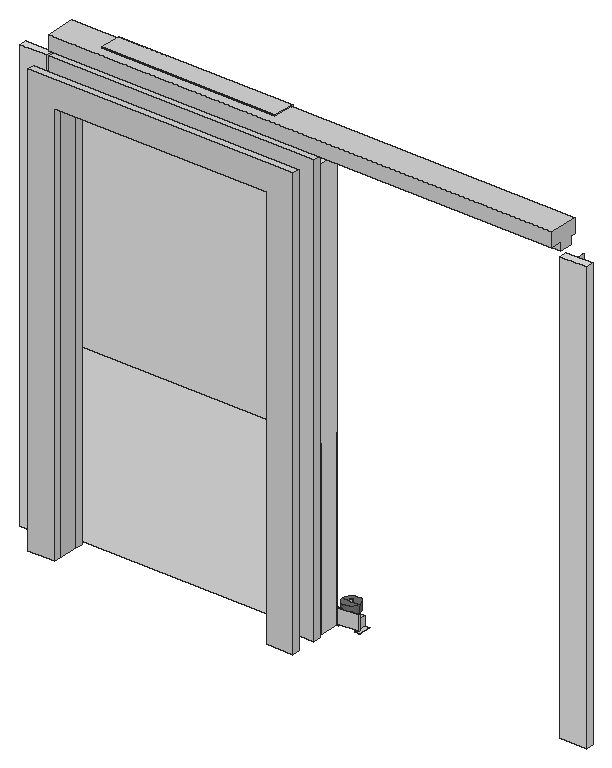
Revit family "Walk_in_Door-ELT_Custom_Coolers-Single_Slide-Left_Hand", category Doors, host Wall, Revit 2026
Family settings
  Host = Wall
  Classification Number = 23.30.10.00
  Always vertical = Yes
  Cut with Voids When Loaded = No
  Shared = No
  Room Calculation Point = No
Parameters (values of type "47" x 84" Cooler, Jamb Frame")
  URL = "https://eltcoolerdoors.com/"
  Thickness = 4"
  Specification = ""
  SpecWizard = ""
  Sales Information = ""
  Rough Width = 47"
  Rough Height = Height + 1"  # 85"
  Product Page URL = "https://eltcoolerdoors.com/collections/all/walk-in-cooler-door?grid_list=grid-view"
  Product Data = ""
  Panel Material = ELT_White Stucco Embossed
  Model = "ELT 47\" x 84\""
  Manufacturer Email = "sales@walkincoolerdoor.com"  # constant formula
  Manufacturer Address = "13770 Nelson st - Detroit MI 48227"  # constant formula
  Manufacturer = "ELT Custom Coolers"  # constant formula
  Kick Plate Height [instance] = 36"
  Installation-Fabrication = ""
  Door Track Length = ((Width * 2) + 12") - 5 3/4"  # 100 1/4"
  Description = "Walk in Cooler Sliding Door 47” x 84“ Prehung with Jamb Frame and Header for New Construction. Left Hand"
  Green Building-LEED = ""
  Function = Interior
  Frame Width = 5 1/2"  # constant formula
  Height = 84"
  Wall Closure = By host
  Width = 47"
  Frame Thickness = 1 1/2"
  Frame Material = ELT_Stainless Steel
  Define Thermal Properties by = Schematic Type
  Copyright = "© 2024 ARCAT"  # constant formula
  Construction Details = ""
  CAD Details = ""
  Analytic Construction = "<None>"
Types (4): name | Rough Width | Product Page URL | Model | Door Track Length | Description | Width
  47" x 84" Cooler, Jamb Frame | 47" | "https://eltcoolerdoors.com/collections/all/walk-in-cooler-door?grid_list=grid-view" | "ELT 47\" x 84\"" | 100 1/4" | "Walk in Cooler Sliding Door 47” x 84“ Prehung with Jamb Frame and Header for New Construction. Left Hand" | 47"
  60" x 84" Cooler, Jamb Frame | 59" | "https://eltcoolerdoors.com/collections/all/walk-in-cooler-door?grid_list=grid-view" | "ELT 60\" x 84\"" | 126 1/4" | "Walk in Cooler Sliding Door 60” x 84“ Prehung with Jamb Frame and Header for New Construction. Left Hand" | 60"
  60" x 84" Freezer, Jamb Frame | 59" | "https://eltcoolerdoors.com/collections/all/walk-in-freezer-door?grid_list=grid-view" | "ELT 60\" x 84\"" | 126 1/4" | "Walk in Freezer Sliding Door 60” x 84“ Prehung with Jamb Frame and Header for New Construction. Left Hand" | 60"
  47" x 84" Freezer, Jamb Frame | 47" | "https://eltcoolerdoors.com/collections/all/walk-in-freezer-door?grid_list=grid-view" | "ELT 47\" x 84\"" | 100 1/4" | "Walk in Freezer Sliding Door 47” x 84“ Prehung with Jamb Frame and Header for New Construction. Left Hand" | 47"
Reference planes (in)
  plane 1 "Center (Front/Back)": y = 0
  plane 2 "Center (Left/Right)": x = 0
  plane 3 "Left": x = -23.5
  plane 4 "Right": x = 23.5
  plane 5 "Top": z = 84
  plane 6 "Exterior": y = 2
  plane 7 "Interior": y = -2
  plane 8: x = -23.5
  plane 9: z = 85
  plane 10: x = 23.5
  plane 11: z = 89.5
  plane 12: x = 27.5
  plane 13: x = -27.5
  plane 14: y = 3.5
  plane 15: y = 0.375
  plane 16: z = 42
  plane 17: z = 90.5
  plane 18: z = 93.5
  plane 19: y = -3.5
  plane 20: x = 22
  plane 21: x = -22
  plane 22: x = 76.75
Forms (in)
  Extrusion 1, solid, material "ELT_Stainless Steel" <- "Frame Material"
    sketch origin (-31.32148, 3.5, 48) x (-1, 0, 0) y (0, 0, 1)
      loop
        line (-58.82148, 41.5) -> (-58.82148, -48) -> (-53.32148, -48) -> (-53.32148, 36) -> (-9.32148, 36) -> (-9.32148, -48) -> (-3.82148, -48) -> (-3.82148, 41.5) -> (-58.82148, 41.5)
    from -1.5 to 0
  Extrusion 2, solid, material "ELT_Stainless Steel" <- "Frame Material"
    sketch origin (0, 0, 0) x (1, 0, 0) y (0, 0, 1)
      loop
        line (23.125, 0) -> (23.125, 84.625) -> (-23.125, 84.625) -> (-23.125, 0) -> (-22, 0) -> (-22, 84) -> (22, 84) -> (22, 0) -> (23.125, 0)
    from -2 to 2
  Extrusion 3, solid, material "ELT_Chrome Stainless Steel"
    sketch origin (-27.5, 12, 89.02035) x (0, 0, 1) y (0, 1, 0)
      loop
        line (4.47965, -4) -> (1.47965, -4) -> (1.47965, -5) -> (-0.14535, -5) -> (-0.14535, -7.5) -> (1.47965, -7.5) -> (1.47965, -10) -> (4.47965, -10) -> (4.47965, -4)
    from 0 to -104.25
  Extrusion 4, solid, material "ELT_Stainless Steel" <- "Frame Material"
    sketch origin (-31.32148, 3.5, 48) x (-1, 0, 0) y (0, 0, 1)
      loop
        line (-58.82148, 41.5) -> (-58.82148, -48) -> (-53.32148, -48) -> (-53.32148, 36) -> (-9.32148, 36) -> (-9.32148, -48) -> (-3.82148, -48) -> (-3.82148, 41.5) -> (-58.82148, 41.5)
    from -7 to -5.5
  Extrusion 5, solid, material "ELT_Chrome Stainless Steel"
    sketch origin (0, 0, 0) x (1, 0, 0) y (0, 1, 0)
      loop
        line (-28, 3.5) -> (-28, 3.625) -> (-29.625, 3.625) -> (-29.625, 4.55134) -> (-27.94199, 5.52303) -> (-27.94199, 5.66737) -> (-29.75, 4.62351) -> (-29.75, 3.5) -> (-28, 3.5)
    from 5.5 to 8.5
  Extrusion 6, solid, material "ELT_White Stucco Embossed"
    sketch origin (18, 2, 48) x (1, 0, 0) y (0, 0, 1)
      loop
        line (-46, 41.5) -> (-51.5, 41.5) -> (-51.5, -48) -> (-46, -48) -> (-46, 41.5)
      loop
        line (60.5, -48) -> (66, -48) -> (66, 41.5) -> (60.5, 41.5) -> (60.5, -48)
    from 0 to -1.5
Lines and regions (in)
  Opening 1
    outline origin (-90, -2, 0) x (1, 0, 0) y (0, 0, 1)
      loop
        line (66.5, 0) -> (113.5, 0) -> (113.5, 85) -> (66.5, 85) -> (66.5, 0)
  Masking region 1
    outline origin (0, 0, 0) x (1, 0, 0) y (0, 1, 0)
      loop
        line (-27.5, 2) -> (-23.125, 2) -> (-23.125, -2) -> (-27.5, -2) -> (-27.5, -3.5) -> (-22, -3.5) -> (-22, 3.5) -> (-27.5, 3.5) -> (-27.5, 2)
      loop
        line (27.5, 2) -> (27.5, 3.5) -> (22, 3.5) -> (22, -3.5) -> (27.5, -3.5) -> (27.5, -2) -> (23.125, -2) -> (23.125, 2) -> (27.5, 2)
      loop
        line (-33.5, 3.5) -> (-33.5, 2) -> (-28, 2) -> (-28, 3.5) -> (-33.5, 3.5)
      loop
        line (84, 3.5) -> (78.5, 3.5) -> (78.5, 2) -> (84, 2) -> (84, 3.5)
  symbolic lines, style "Overhead"
    curve 1: line (-27.5, 2, 0) -> (-27.5, 8, 0)
    curve 2: line (76.75, 2, 0) -> (76.75, 8, 0)
    curve 3: line (-27.5, 8, 0) -> (76.75, 8, 0)
    curve 4: line (23.5, 2, 0) -> (-23.5, 2, 0)
Text (in)
  text "Exterior" at (-74.96733, 27.31104, 0), in view "Ref. Level"
  text "Interior" at (-74.96733, -25.14366, 0), in view "Ref. Level"
  text "Exterior" at (0, 40.15149, 123.01588), in view "Right"
  text "Interior" at (0, -64.39139, 123.01588), in view "Right"
  text "Interior" at (0, -31.01599, 123.00693), in view "Left"
  text "Exterior" at (0, 54.57065, 123.00693), in view "Left"
Dimensions and locks (in)
  "Height": level to plane 5 "Top"
  "Width": plane 3 "Left" to plane 4 "Right"
  "Rough Height": plane 9 to level
  equal spacing: plane 10, plane 2 "Center (Left/Right)", plane 8
  "Rough Width": plane 10 to plane 8
  "Frame Width": plane 20 to plane 12
  "Frame Width": plane 13 to plane 21
  "Frame Width": plane 5 "Top" to plane 11
  "Frame Thickness": plane 14 to plane 6 "Exterior"
  equal spacing: plane 8, plane 2 "Center (Left/Right)", plane 10
  equal spacing: plane 3 "Left", plane 2 "Center (Left/Right)", plane 4 "Right"
  locked: plane 5 "Top" to Extrusion 2 sketch curve at 0.625
  equal spacing: level, plane 16, plane 5 "Top"
  plane 11 to plane 17 = 1"
  plane 17 to plane 18 = 3"
  locked: Extrusion 3 sketch curve to plane 6 "Exterior" at 6
  Extrusion 3 sketch curve to Extrusion 3 sketch curve to Extrusion 3 sketch curve = 1" locked, 2 1/2" locked
  "Frame Thickness": plane 19 to plane 7 "Interior"
  locked: plane 4 "Right" to plane 12 at 4
  locked: plane 13 to plane 3 "Left" at 4
  locked: Extrusion 2 sketch curve to plane 10 at 0.375
  locked: Extrusion 2 sketch curve to plane 8 at 0.375
  locked: plane 8 to Masking region 1 sketch curve at 0.375
  locked: Masking region 1 sketch curve to plane 10 at 0.375
  locked: nested 3 to plane 11 at 2.25
  locked: plane 22 to nested 3 at 3
  locked: plane 22 to nested 2 at 3
  locked: level to nested 2 at 2.25
  Extrusion 5 sketch curve to Extrusion 5 sketch curve to Extrusion 5 sketch curve to plane 13 = 1/8" locked, 1.68301" locked, 0.44199" locked
  Extrusion 5 sketch curve to Extrusion 5 sketch curve to Extrusion 5 sketch curve to Extrusion 5 sketch curve to Extrusion 5 sketch curve to plane 14 = 0.14434" locked, 0.89952" locked, 0.07217" locked, 0.92634" locked, 1/8" locked
  locked: plane 12 to nested 6 at 1.5
  locked: nested 5 to plane 13 at 1.25
  locked: nested 4 to plane 13 at 1.25
  "Frame Width": Extrusion 6 sketch curve to Extrusion 6 sketch curve  (x2)
  locked: Extrusion 6 sketch curve to plane 13 at 0.5
  locked: Extrusion 6 sketch curve to plane 22 at 1.75
  "Door Track Length": plane 3 "Left" to plane 22
  locked: level to nested 5 at 2.25
  locked: nested 4 to plane 11 at 2.25
  aligned and locked: Opening 1 sketch curve to level
  aligned and locked: plane 6 "Exterior" to host wall
  aligned and locked: host wall to plane 7 "Interior"
  aligned and locked: plane 8 to Opening 1 sketch curve
  aligned and locked: Opening 1 sketch curve to plane 9
  aligned and locked: Opening 1 sketch curve to plane 10
  aligned and locked: plane 12 to Extrusion 1 sketch curve
  aligned and locked: plane 11 to Extrusion 1 sketch curve
  aligned and locked: plane 5 "Top" to Extrusion 1 sketch curve
  aligned and locked: plane 13 to Extrusion 1 sketch curve
  aligned and locked: level to Extrusion 1 sketch curve  (x2)
  aligned and locked: plane 6 "Exterior" to Extrusion 1
  aligned and locked: plane 14 to Extrusion 1
  aligned and locked: level to Extrusion 2 sketch curve
  aligned and locked: plane 5 "Top" to Extrusion 2 sketch curve
  aligned and locked: host wall to Extrusion 2
  aligned and locked: plane 7 "Interior" to Extrusion 2
  aligned and locked: Masking region 1 sketch curve to plane 13  (x2)
  aligned and locked: Masking region 1 sketch curve to plane 14  (x3)
  aligned and locked: Masking region 1 sketch curve to plane 12  (x2)
  aligned and locked: Masking region 1 sketch curve to plane 6 "Exterior"  (x4)
  aligned and locked: level to nested 1
  aligned and locked: plane 18 to Extrusion 3 sketch curve
  aligned and locked: plane 17 to Extrusion 3 sketch curve  (x2)
  aligned and locked: Extrusion 3 sketch curve to nested 1
  aligned and locked: plane 6 "Exterior" to Extrusion 3 sketch curve
  aligned and locked: nested 1 to plane 2 "Center (Left/Right)"
  aligned and locked: Extrusion 4 to plane 7 "Interior"
  aligned and locked: plane 19 to Extrusion 4
  aligned and locked: plane 19 to Masking region 1 sketch curve  (x2)
  aligned and locked: Masking region 1 sketch curve to plane 7 "Interior"  (x2)
  aligned and locked: Extrusion 4 sketch curve to plane 5 "Top"
  aligned and locked: Extrusion 4 sketch curve to plane 11
  aligned and locked: Extrusion 4 sketch curve to plane 13
  aligned and locked: Extrusion 4 sketch curve to plane 12
  aligned and locked: Extrusion 4 sketch curve to level  (x2)
  aligned and locked: Extrusion 5 to nested 1
  aligned and locked: nested 1 to Extrusion 5
  aligned and locked: plane 6 "Exterior" to curve 1
  aligned and locked: curve 4 to plane 6 "Exterior"
  aligned and locked: plane 4 "Right" to curve 4
  aligned and locked: plane 14 to Extrusion 6
  aligned and locked: plane 21 to Masking region 1 sketch curve
  aligned and locked: Masking region 1 sketch curve to plane 20
  aligned and locked: plane 21 to Extrusion 2 sketch curve
  aligned and locked: Extrusion 1 sketch curve to plane 20
  aligned and locked: plane 21 to Extrusion 1 sketch curve
  aligned and locked: Extrusion 4 sketch curve to plane 20
  aligned and locked: plane 21 to Extrusion 4 sketch curve
  aligned and locked: Extrusion 6 sketch curve to plane 11  (x2)
  aligned and locked: Extrusion 6 sketch curve to level
  aligned and locked: level to Extrusion 6 sketch curve
  aligned and locked: Extrusion 3 to plane 22
  aligned and locked: plane 13 to Extrusion 3
  aligned and locked: curve 2 to plane 22
  aligned and locked: curve 1 to plane 13
  aligned and locked: Masking region 1 sketch curve to Extrusion 6  (x4)
Automatic sketch dimensions
  plane 20 to Extrusion 2 sketch curve = 0"
  Extrusion 2 sketch curve to level = 0"
  Masking region 1 sketch curve to plane 14 = 0"
  Extrusion 5 sketch curve to plane 14 = 0"
  plane 13 to Extrusion 5 sketch curve = 1/2"
  curve 4 to plane 3 "Left" = 0"
  curve 2 to host wall = 0"
  plane 14 to curve 3 = 4 1/2"
Nested families (in)
  nested 1: "Sliding Door Panel" at (0, 3.5, 42) x (-1, 0, 0) z (0, 1, 0), Panel Material <- "Panel Material", Opening Height <- "Height", Opening Width <- "Width", Kick Plate Height <- "Kick Plate Height", type "Sliding Panel Door"
    with Panel Material ELT_White Stucco Embossed, Opening Width 47", Opening Height 84", Kick Plate Height 36"
  nested 2: "Sliding Door Stop" at (79.75, 3.5, 2.25) x (-1, 0, 0) z (0, 1, 0), type "Sliding Door Stop"
  nested 3: "Sliding Door Stop" at (79.75, 3.5, 87.25) x (-1, 0, 0) z (0, 1, 0), type "Sliding Door Stop"
  nested 4: "Sliding Door Stop" at (-28.75, 3.5, 87.25) x (1, 0, 0) z (0, 1, 0), type "Sliding Door Stop"
  nested 5: "Sliding Door Stop" at (-28.75, 3.5, 2.25) x (1, 0, 0) z (0, 1, 0), type "Sliding Door Stop"
  nested 6: "Stay Roller" at (29, 9.75, 0) x (-1, 0, 0) z (0, 0, 1), type "Stay Roller"
Definition of nested family "Sliding Door Panel"
  Parameters (values of type "Sliding Panel Door")
    Width = 73.57004"
    Top Latch Offset = 12"
    Rough Height = 78"
    Panel Material [instance] = none
    Opening Width [instance] = 60"
    Opening Height [instance] = 84"
    Kick Plate Height [instance] = 36"
    Define Thermal Properties by = 1
    Default Elevation = 48"
    Analytic Construction = "<None>"
  Reference planes (in)
    plane 1 "Center (Front/Back)": y = 0
    plane 2: z = 0
    plane 3 "Center (Left/Right)": x = 0
    plane 4: y = -42
    plane 5: x = -34
    plane 6: y = 46
    plane 7: y = -41.5
    plane 8: x = 34
    plane 9: x = -30
    plane 10: x = 30
    plane 11: y = 42
    plane 12: z = 0.25
    plane 13: z = 4.25
    plane 14: y = -5.5
    plane 15: x = -24.5
    plane 16: x = 24.5
    plane 17: y = 46.75
    plane 18: y = 51.75
    plane 19: x = 16
    plane 20: y = -41.25
    plane 21: y = -38.25
    plane 22: y = -36.5
    plane 23: y = -33.5
    plane 24: y = 39
    plane 25: z = 2.25
    plane 26: x = -60
    plane 27: y = 3
    plane 28: x = 37.25
  Forms (in)
    Extrusion 1, solid, material <- "Panel Material"
      sketch origin (0, 54.34998, 0.25) x (0, 1, 0) y (-1, 0, 0)
        loop
          line (-8.34998, 34) -> (-95.84998, 34) -> (-95.84998, -34) -> (-8.34998, -34) -> (-8.34998, 34)
      from 4 to 0
    Extrusion 2, solid
      sketch origin (-30.90712, -5.5, 48) x (-1, 0, 0) y (0, 0, 1)
        loop
          line (3.09288, -43.75) -> (3.09288, -43.71875) -> (-64.90712, -43.71875) -> (-64.90712, -43.75) -> (3.09288, -43.75)
        loop
          line (3.09288, -47.75) -> (-64.90712, -47.75) -> (-64.90712, -47.78125) -> (3.09288, -47.78125) -> (3.09288, -47.75)
      from 0 to -36
    Extrusion 3, solid
      sketch origin (-35.37384, -38.25, 48) x (-1, 0, 0) y (0, 0, 1)
        loop
          line (-1.37384, -43.75) -> (2.89795, -43.37627) -> (2.87616, -43.12722) -> (-1.38475, -43.5) -> (-7.12384, -43.5) -> (-7.12384, -43.75) -> (-1.37384, -43.75)
      from 0 to -3
    Extrusion 4, solid
      sketch origin (0, 1.25, 0) x (0, 1, 0) y (0, 0, 1)
        loop
          line (45.5, 3.25) -> (45.625, 3.25) -> (45.625, 4.625) -> (50.375, 4.625) -> (50.375, 0.25) -> (50.5, 0.25) -> (50.5, 4.75) -> (45.5, 4.75) -> (45.5, 3.25)
      from -24.5 to 24.5
    Extrusion 5, solid
      sketch origin (0, 0, 0) x (1, 0, 0) y (0, 0, 1)
        loop
          circle (-21.5, 2.25) r 0.5
        loop
          circle (21.5, 2.25) r 0.5
      from -46.875 to -46
    Extrusion 6, solid
      sketch origin (19.97554, -33.5, 48) x (-1, 0, 0) y (0, 0, 1)
        loop
          line (-16.02446, -47.02083) -> (-16.02446, -47.5) -> (-14.14946, -47.5) -> (-14.14946, -47.75) -> (-14.02446, -47.75) -> (-14.02446, -47.375) -> (-15.89946, -47.375) -> (-15.89946, -47.09299) -> (-14.02446, -46.01046) -> (-14.02446, -45.18829) -> (-14.14946, -45.18829) -> (-14.14946, -45.93829) -> (-16.02446, -47.02083)
      from 0 to -3
    Extrusion 7, solid
      sketch origin (0, 0, 0) x (1, 0, 0) y (0, 1, 0)
        loop
          line (36, 5.25) -> (36, 0.75) -> (38.5, 0.75) -> (38.5, 5.25) -> (36, 5.25)
      from 0 to 0.5
  Lines and regions (in)
    Masking region 1
      outline origin (0, 0, 0) x (1, 0, 0) y (0, 0, 1)
        loop
          line (-63.5, 4.25) -> (-63.5, 0.25) -> (0, 0.25) -> (0, 4.25) -> (-63.5, 4.25)
    symbolic lines
      curve 1: line (-30, 0, 0) -> (30, 0, 0)
      curve 2: line (16, 0, 0) -> (17.94856, 1.125, 0)
      curve 3: line (16, 0, 0) -> (22, 0, 0)
      curve 4: line (16, 0, 0) -> (17.94856, -1.125, 0)
      curve 5: line (-24.5, 0, 9.25) -> (-18.5, 0, 9.25)
      curve 6: line (-24.5, 0, 9.25) -> (-22.76795, 0, 10.25)
      curve 7: line (-24.5, 0, 9.25) -> (-22.76795, 0, 8.25)
      curve 8: line (-54, 0, 4.75) -> (-9.5, 0, 4.75)
      curve 9: line (-54, 0, 0) -> (-54, 0, 4.75)
      curve 10: line (-9.5, 0, 4.75) -> (-9.5, 0, 0)
      curve 11: line (-54, 0, 0) -> (-9.5, 0, 0)
  Dimensions and locks (in)
    locked: plane 1 "Center (Front/Back)" to plane 4 at 42
    "Opening Height": plane 11 to plane 4
    equal spacing: plane 9, plane 3 "Center (Left/Right)", plane 10
    "Opening Width": plane 9 to plane 10
    locked: plane 7 to plane 4 at 0.5
    locked: plane 6 to plane 11 at 4
    locked: plane 10 to plane 8 at 4
    locked: plane 5 to plane 9 at 4
    locked: plane 13 to plane 12 at 4
    "Kick Plate Height": plane 14 to plane 7
    locked: Extrusion 2 sketch curve to plane 13 at 0.03125
    locked: plane 12 to Extrusion 2 sketch curve at 0.03125
    locked: curve 5 to plane 13 at 5
    locked: curve 4 to curve 2 at 1.94856
    locked: plane 12 to plane 2 at 0.25
    locked: plane 5 to plane 15 at 9.5
    locked: plane 16 to plane 8 at 9.5
    locked: plane 17 to plane 11 at 4.75
    locked: plane 19 to plane 10 at 14
    locked: plane 19 to curve 3 at 6
    locked: Extrusion 3 sketch curve to plane 5 at 5.75
    locked: plane 5 to Extrusion 3 sketch curve at 4.25
    locked: Extrusion 3 sketch curve to plane 13 at 0.25
    locked: Extrusion 3 sketch curve to Extrusion 3 sketch curve at 0.25
    plane 21 to plane 20 to plane 4 = 3" locked, 3/4" locked
    locked: plane 22 to plane 7 at 5
    locked: plane 23 to plane 22 at 3
    locked: plane 11 to plane 24 at 3
    Extrusion 4 sketch curve to plane 13 to Extrusion 4 sketch curve = 1" locked, 1/2" locked
    curve 8 to plane 13 = 1/2"
    equal spacing: plane 13, plane 25, plane 12
    locked: Extrusion 5 sketch curve to plane 16 at 3
    locked: Extrusion 5 sketch curve to plane 15 at 3
    locked: plane 8 to Extrusion 6 sketch curve at 2
    Extrusion 6 sketch curve to plane 12 = 1/4"
    locked: Extrusion 6 sketch curve to Extrusion 6 sketch curve at 0.25
    locked: Extrusion 6 sketch curve to Extrusion 6 sketch curve at 0.75
    locked: plane 18 to plane 17 at 5
    Extrusion 4 sketch curve to plane 17 = 1/8"
    locked: Extrusion 5 to plane 17 at 0.125
    "Opening Width": plane 3 "Center (Left/Right)" to plane 26
    locked: Masking region 1 to curve 9 at 9.5
    locked: Masking region 1 to curve 10 at 9.5
    locked: plane 26 to Masking region 1 sketch curve at 3.5
    locked: curve 5 to plane 15 at 6
    locked: plane 19 to curve 4 at 1.94856
    locked: Extrusion 7 sketch curve to Extrusion 7 sketch curve at 2.5
    locked: Extrusion 7 sketch curve to Extrusion 7 sketch curve at 4.5
    locked: plane 27 to plane 4 at 45
    equal spacing: Extrusion 7 sketch curve, plane 27, Extrusion 7 sketch curve
    locked: plane 8 to plane 28 at 3.25
    equal spacing: Extrusion 7 sketch curve, plane 28, Extrusion 7 sketch curve
    locked: Extrusion 3 sketch curve to plane 13 (angle 5.00°)
    aligned and locked: plane 2 to level
    aligned and locked: Extrusion 1 sketch curve to plane 6
    aligned and locked: Extrusion 1 sketch curve to plane 8
    aligned and locked: Extrusion 1 sketch curve to plane 5
    aligned and locked: Extrusion 1 sketch curve to plane 7
    aligned and locked: Extrusion 2 sketch curve to plane 13
    aligned and locked: Extrusion 2 sketch curve to plane 5  (x2)
    aligned and locked: plane 8 to Extrusion 2 sketch curve  (x2)
    aligned and locked: Extrusion 2 sketch curve to plane 12
    aligned and locked: Extrusion 2 to plane 7
    aligned and locked: Masking region 1 sketch curve to plane 13
    aligned and locked: curve 1 to plane 2
    aligned and locked: plane 9 to curve 1
    aligned and locked: plane 10 to curve 1
    aligned and locked: plane 1 "Center (Front/Back)" to curve 3
    aligned and locked: nested 1 to plane 1 "Center (Front/Back)"
    aligned and locked: nested 1 to plane 13
    aligned and locked: plane 10 to nested 1
    aligned and locked: plane 19 to curve 4
    aligned and locked: Extrusion 3 to plane 20
    aligned and locked: plane 21 to Extrusion 3
    aligned and locked: plane 17 to Extrusion 4 sketch curve
    aligned and locked: plane 18 to Extrusion 4 sketch curve
    aligned and locked: plane 12 to Extrusion 4 sketch curve
    aligned and locked: Extrusion 4 to plane 15
    aligned and locked: Extrusion 4 to plane 16
    aligned and locked: plane 25 to Extrusion 5 sketch curve  (x2)
    aligned and locked: Extrusion 5 to plane 6
    aligned and locked: plane 8 to Extrusion 6 sketch curve
    aligned and locked: Extrusion 6 to plane 22
    aligned and locked: plane 23 to Extrusion 6
    aligned and locked: Masking region 1 sketch curve to plane 12
    aligned and locked: Masking region 1 sketch curve to plane 3 "Center (Left/Right)"
    aligned and locked: plane 2 to curve 10
    aligned and locked: curve 11 to plane 2
    aligned and locked: plane 13 to Extrusion 1
    aligned and locked: Extrusion 1 to plane 12
  Automatic sketch dimensions
    plane 1 "Center (Front/Back)" to curve 4 = 1 1/8"
    curve 2 to plane 1 "Center (Front/Back)" = 1 1/8"
    Extrusion 3 sketch curve to plane 5 = 0"
    Extrusion 3 sketch curve to plane 13 = 0"
    plane 8 to Extrusion 6 sketch curve = 0"
    Extrusion 6 sketch curve to Extrusion 6 sketch curve = 1/8"  (x2)
    Extrusion 6 sketch curve to plane 8 = 1/8"  (x2)
    Extrusion 6 sketch curve to Extrusion 6 sketch curve = 0.28201"
    Extrusion 6 sketch curve to Extrusion 6 sketch curve = 0.07217"  (x2)
    Extrusion 6 sketch curve to plane 13 = 2.26046"
    Extrusion 4 sketch curve to plane 18 = 1/8"
    plane 13 to Extrusion 4 sketch curve = 3/8"
    plane 15 to curve 7 = 1.73205"
    plane 15 to curve 6 = 1.73205"
    curve 7 to curve 5 = 1"
    curve 7 to curve 6 = 2"
    curve 6 to plane 15 = 0"
    radius of Extrusion 5 sketch curve = 1/2"  (x2)
  Nested families (in)
    nested 1: "Door Handle" at (29.375, 0, 4.25) x (0, 1, 0) z (0, 0, 1), type "Door Handle"
  Definition of nested family "Door Handle"
    Parameters (values of type "Door Handle")
      Default Elevation = 0"
    Reference planes (in)
      plane 1 "Center (Front/Back)": y = 0
      plane 2: z = 0
      plane 3 "Center (Left/Right)": x = 0
      plane 4: x = -4
      plane 5: y = 0.625
      plane 6: y = -0.625
      plane 7: x = 4
      plane 8: z = 2
      plane 9: z = 1.8664
    Forms (in)
      Extrusion 1, solid
        sketch origin (0, 0, 0.25) x (1, 0, 0) y (0, 0, 1)
          loop
            line (-4, -0.25) -> (-3, -0.25) -> (-3, 1.07801)
            arc (-3, 1.07801) -> (0, 1.15405) -> (3, 1.07801) r 59.21655
            line (3, 1.07801) -> (3, -0.25) -> (4, -0.25) -> (4, 1.6164)
            arc (4, 1.6164) -> (0, 1.7503) -> (-4, 1.6164) r 59.8128
            line (-4, 1.6164) -> (-4, -0.25)
        from -0.625 to 0.625
    Lines and regions (in)
      Masking region 1
        outline origin (0, 0, 0) x (1, 0, 0) y (0, 1, 0)
          loop
            line (-4, 0.625) -> (-4, -0.625) -> (4, -0.625) -> (4, 0.625) -> (-4, 0.625)
      Masking region 2
        outline origin (0, 0, 0) x (1, 0, 0) y (0, 0, 1)
          loop
            line (-4, 1.8664) -> (-4, 0) -> (-3, 0) -> (-3, 1.32801)
            arc (-3, 1.32801) -> (0, 1.40405) -> (3, 1.32801) r 59.21655
            line (3, 1.32801) -> (3, 0) -> (4, 0) -> (4, 1.8664)
            arc (4, 1.8664) -> (0, 2.0003) -> (-4, 1.8664) r 59.8128
      Masking region 3
        outline origin (0, 0, 0) x (0, 1, 0) y (0, 0, 1)
          loop
            line (0.625, 0) -> (0.625, 2) -> (-0.625, 2) -> (-0.625, 0) -> (0.625, 0)
    Dimensions and locks (in)
      equal spacing: plane 4, plane 3 "Center (Left/Right)", plane 7
      equal spacing: plane 5, plane 1 "Center (Front/Back)", plane 6
      plane 6 to plane 5 = 1 1/4"
      locked: plane 4 to plane 7 at 8
      locked: plane 8 to plane 2 at 2
      locked: plane 8 to plane 9 at 0.1336
      locked: Extrusion 1 sketch curve to plane 4 at 1
      locked: plane 7 to Extrusion 1 sketch curve at 1
      aligned and locked: plane 2 to level
      aligned and locked: plane 6 to Extrusion 1
      aligned and locked: plane 5 to Extrusion 1
      aligned and locked: Extrusion 1 sketch curve to plane 4
      aligned and locked: Extrusion 1 sketch curve to plane 2  (x2)
      aligned and locked: plane 7 to Extrusion 1 sketch curve
      aligned and locked: Masking region 1 sketch curve to plane 5
      aligned and locked: plane 6 to Masking region 1 sketch curve
      aligned and locked: Masking region 1 sketch curve to plane 4
      aligned and locked: plane 7 to Masking region 1 sketch curve
      aligned and locked: Masking region 2 sketch curve to plane 4
      aligned and locked: plane 7 to Masking region 2 sketch curve
      aligned and locked: Masking region 2 sketch curve to plane 2  (x2)
      aligned and locked: Masking region 2 sketch curve to Extrusion 1  (x4)
      aligned and locked: plane 5 to Masking region 3 sketch curve
      aligned and locked: plane 8 to Masking region 3 sketch curve
      aligned and locked: Masking region 3 sketch curve to plane 6
      aligned and locked: plane 2 to Masking region 3 sketch curve
    Automatic sketch dimensions
      plane 3 "Center (Left/Right)" to Extrusion 1 sketch curve = 0"
      Extrusion 1 sketch curve to plane 9 = 0"
      Extrusion 1 sketch curve to level = 57 13/16"
      Extrusion 1 sketch curve to Extrusion 1 sketch curve = 0"  (x2)
      Extrusion 1 sketch curve to plane 9 = 0.53839"
Definition of nested family "Sliding Door Stop"
  Parameters (values of type "Sliding Door Stop")
    Default Elevation = 48"
  Reference planes (in)
    plane 1 "Center (Front/Back)": y = 0
    plane 2: z = 0
    plane 3 "Center (Left/Right)": x = 0
    plane 4: x = -3
    plane 5: y = 1.25
    plane 6: y = -1.25
    plane 7: x = 1.25
    plane 8: z = 3
    plane 9: z = 1.5
  Forms (in)
    Extrusion 1, solid
      sketch origin (0, 0, 0.25) x (1, 0, 0) y (0, 0, 1)
        loop
          line (-0.125, 2.75) -> (-0.125, -0.125) -> (-3, -0.125) -> (-3, -0.25) -> (0, -0.25) -> (0, 2.75) -> (-0.125, 2.75)
      from -1.25 to 1.25
    Revolve 2, solid
      sketch origin (0, 0, 0) x (1, 0, 0) y (0, 0, 1)
        loop
          line (0, 1.5) -> (1.25, 1.5)
          arc (1.25, 1.5) -> (0.95711, 2.20711) -> (0.25, 2.5) r 1
          line (0.25, 2.5) -> (0, 2.5) -> (0, 1.5)
        axis (0, 1.5) -> (1.25, 1.5)
      angle from 0 to 360
  Lines and regions (in)
    Masking region 1
      outline origin (0, 0, 0) x (1, 0, 0) y (0, 0, 1)
        loop
          line (0, 3) -> (-0.125, 3) -> (-0.125, 0.125) -> (-3, 0.125) -> (-3, 0) -> (0, 0) -> (0, 0.5) -> (0.25, 0.5)
          arc (0.25, 0.5) -> (0.95711, 0.79289) -> (1.25, 1.5) r 1
          arc (1.25, 1.5) -> (0.95711, 2.20711) -> (0.25, 2.5) r 1
          line (0.25, 2.5) -> (0, 2.5) -> (0, 3)
    Masking region 2
      outline origin (0, 0, 0) x (1, 0, 0) y (0, 0, 1)
        loop
          line (-3, 0.125) -> (-3, 0) -> (0, 0) -> (0, 3) -> (-0.125, 3) -> (-0.125, 0.125) -> (-3, 0.125)
    Masking region 3
      outline origin (0, 0, 0) x (1, 0, 0) y (0, 0, 1)
        loop
          line (0, 2.5) -> (0, 0.5) -> (0.25, 0.5)
          arc (0.25, 0.5) -> (1.25, 1.5) -> (0.25, 2.5) r 1
          line (0.25, 2.5) -> (0, 2.5)
    Masking region 4
      outline origin (0, 0, 0) x (1, 0, 0) y (0, 1, 0)
        loop
          line (-3, 1.25) -> (-3, -1.25) -> (0, -1.25) -> (0, 1.25) -> (-3, 1.25)
    Masking region 5
      outline origin (0, 0, 0) x (1, 0, 0) y (0, 1, 0)
        loop
          line (0, 1) -> (0, -1) -> (0.25, -1)
          arc (0.25, -1) -> (0.95711, -0.70711) -> (1.25, 0) r 1
          arc (1.25, 0) -> (0.95711, 0.70711) -> (0.25, 1) r 1
          line (0.25, 1) -> (0, 1)
    symbolic lines, detail levels fine
      curve 1: line (0, 0, 3) -> (0, 0, 0)
      curve 2: line (-0.125, 1.25, 0) -> (-0.125, -1.25, 0)
  Dimensions and locks (in)
    equal spacing: plane 5, plane 1 "Center (Front/Back)", plane 6
    plane 6 to plane 5 = 2 1/2"
    locked: plane 4 to plane 3 "Center (Left/Right)" at 3
    plane 8 to plane 2 = 3"
    locked: Extrusion 1 sketch curve to Extrusion 1 sketch curve at 0.125
    locked: plane 3 "Center (Left/Right)" to plane 7 at 1.25
    equal spacing: plane 8, plane 9, plane 2
    locked: plane 8 to Revolve 2 sketch curve at 0.5
    locked: Revolve 2 sketch curve to plane 3 "Center (Left/Right)" at 0.25
    locked: Masking region 1 sketch curve to plane 3 "Center (Left/Right)" at 0.25
    locked: plane 8 to Masking region 1 sketch curve at 1.5
    aligned and locked: plane 2 to level
    aligned and locked: plane 6 to Extrusion 1
    aligned and locked: plane 5 to Extrusion 1
    aligned and locked: Extrusion 1 sketch curve to level
    aligned and locked: Extrusion 1 sketch curve to plane 4
    aligned and locked: Extrusion 1 sketch curve to plane 8
    aligned and locked: Extrusion 1 sketch curve to plane 3 "Center (Left/Right)"
    aligned and locked: Revolve 2 sketch curve to plane 9  (x2)
    aligned and locked: Revolve 2 sketch curve to plane 3 "Center (Left/Right)"
    aligned and locked: plane 9 to Revolve 2 sketch curve
    aligned and locked: Masking region 1 sketch curve to plane 3 "Center (Left/Right)"  (x2)
    aligned and locked: Masking region 1 sketch curve to plane 8
    aligned and locked: Masking region 1 sketch curve to plane 4
    aligned and locked: Masking region 1 sketch curve to plane 2
    aligned and locked: Masking region 1 sketch curve to Extrusion 1  (x2)
    aligned and locked: curve 1 to plane 3 "Center (Left/Right)"
    aligned and locked: plane 8 to curve 1
    aligned and locked: plane 2 to curve 1
    aligned and locked: Masking region 2 sketch curve to plane 4
    aligned and locked: Masking region 2 sketch curve to plane 2
    aligned and locked: Masking region 2 sketch curve to Extrusion 1  (x2)
    aligned and locked: Masking region 2 sketch curve to plane 8
    aligned and locked: Masking region 2 sketch curve to plane 3 "Center (Left/Right)"
    aligned and locked: Masking region 3 sketch curve to plane 3 "Center (Left/Right)"
    aligned and locked: Masking region 3 sketch curve to Masking region 1  (x2)
    aligned and locked: curve 2 to Extrusion 1
    aligned and locked: Masking region 4 sketch curve to plane 5
    aligned and locked: Masking region 4 sketch curve to plane 4
    aligned and locked: plane 6 to Masking region 4 sketch curve
    aligned and locked: Masking region 4 sketch curve to plane 3 "Center (Left/Right)"
    aligned and locked: Masking region 5 sketch curve to Revolve 2
  Automatic sketch dimensions
    Extrusion 1 sketch curve to Extrusion 1 sketch curve = 1/8"
    plane 7 to Revolve 2 sketch curve = 0"
    plane 4 to Revolve 2 sketch curve = 0.77461"
    Masking region 1 sketch curve to Masking region 1 sketch curve = 0"
    plane 7 to Masking region 1 sketch curve = 0"
    plane 3 "Center (Left/Right)" to Masking region 3 sketch curve = 1/4"
    plane 6 to curve 2 = 0"
    curve 2 to plane 5 = 0"
    curve 2 to plane 3 "Center (Left/Right)" = 1/8"
    Masking region 5 sketch curve to Masking region 5 sketch curve = 0"
    plane 1 "Center (Front/Back)" to Masking region 5 sketch curve = 0"
    Masking region 5 sketch curve to plane 7 = 0"
    plane 3 "Center (Left/Right)" to Masking region 5 sketch curve = 1/4"
Definition of nested family "Stay Roller"
  Parameters (values of type "Stay Roller")
    Default Elevation = 48"
  Reference planes (in)
    plane 1 "Center (Front/Back)": y = 0
    plane 2: z = 0
    plane 3 "Center (Left/Right)": x = 0
    plane 4: x = -2.75
    plane 5: y = 1.25
    plane 6: y = -1.25
    plane 7: x = 2.75
    plane 8: z = 2
    plane 9: z = 5
  Forms (in)
    Extrusion 1, solid
      sketch origin (0, 0, 0.25) x (1, 0, 0) y (0, 0, 1)
        loop
          line (-1.75, 1.75) -> (-1.75, -0.125) -> (-2.75, -0.125) -> (-2.75, -0.25) -> (-1.625, -0.25) -> (-1.625, 1.625) -> (1.625, 1.625) -> (1.625, -0.25) -> (2.75, -0.25) -> (2.75, -0.125) -> (1.75, -0.125) -> (1.75, 1.75) -> (-1.75, 1.75)
      from -1.25 to 1.25
    Revolve 2, solid
      sketch origin (0, 0, 0) x (1, 0, 0) y (0, 0, 1)
        loop
          line (-0.25, 5) -> (-0.25, 2) -> (0, 2) -> (0, 5) -> (-0.25, 5)
        axis (0, 5) -> (0, 2)
      angle from 0 to 360
    Revolve 3, solid
      sketch origin (0, 0, 0) x (1, 0, 0) y (0, 0, 1)
        loop
          line (-0.25, 4.625) -> (-1.75, 4.625) -> (-1.75, 3.125) -> (-0.25, 3.125) -> (-0.25, 4.625)
        axis (0, 4.625) -> (0, 3.125)
      angle from 0 to 360
  Cuts and joins
    joined: Extrusion 1, Revolve 2
  Lines and regions (in)
    Masking region 1
      outline origin (0, 0, 0) x (1, 0, 0) y (0, 1, 0)
        loop
          line (-2.75, 1.25) -> (-2.75, -1.25) -> (-1.22474, -1.25)
          arc (-1.22474, -1.25) -> (0, -1.75) -> (1.22474, -1.25) r 1.75
          line (1.22474, -1.25) -> (2.75, -1.25) -> (2.75, 1.25) -> (1.22474, 1.25)
          arc (1.22474, 1.25) -> (0, 1.75) -> (-1.22474, 1.25) r 1.75
          line (-1.22474, 1.25) -> (-2.75, 1.25)
    Masking region 2
      outline origin (0, 0, 0) x (1, 0, 0) y (0, 0, 1)
        loop
          line (-1.75, 2) -> (-1.75, 0.125) -> (-2.75, 0.125) -> (-2.75, 0) -> (-1.625, 0) -> (-1.625, 1.875) -> (1.625, 1.875) -> (1.625, 0) -> (2.75, 0) -> (2.75, 0.125) -> (1.75, 0.125) -> (1.75, 2) -> (0.25, 2) -> (0.25, 3.125) -> (1.75, 3.125) -> (1.75, 4.625) -> (0.25, 4.625) -> (0.25, 5) -> (-0.25, 5) -> (-0.25, 4.625) -> (-1.75, 4.625) -> (-1.75, 3.125) -> (-0.25, 3.125) -> (-0.25, 2) -> (-1.75, 2)
    Masking region 3
      outline origin (0, 0, 0) x (0, 1, 0) y (0, 0, 1)
        loop
          line (0.25, 5) -> (-0.25, 5) -> (-0.25, 4.625) -> (-1.75, 4.625) -> (-1.75, 3.125) -> (-0.25, 3.125) -> (-0.25, 2) -> (-1.25, 2) -> (-1.25, 0) -> (1.25, 0) -> (1.25, 2) -> (0.25, 2) -> (0.25, 3.125) -> (1.75, 3.125) -> (1.75, 4.625) -> (0.25, 4.625) -> (0.25, 5)
    symbolic lines
      curve 1: arc (1.75, 0, 0) -> (0, -1.75, 0) -> (-1.75, 0, 0) r 1.75
      curve 2: arc (-1.75, 0, 0) -> (0, 1.75, 0) -> (1.75, 0, 0) r 1.75
      curve 7: line (-1.75, 0, 4.625) -> (1.75, 0, 4.625)
      curve 8: line (-1.75, 0, 3.125) -> (1.75, 0, 3.125)
      curve 9: line (1.75, 0, 2) -> (-1.75, 0, 2)
      curve 10: line (0, -1.25, 1.875) -> (0, 1.25, 1.875)
      curve 11: line (0, 1.25, 0.125) -> (0, -1.25, 0.125)
      curve 12: line (0, -0.25, 3.125) -> (0, 0.25, 3.125)
      curve 13: line (0, -0.25, 4.625) -> (0, 0.25, 4.625)
      curve 14: line (0, 1.25, 2) -> (0, -1.25, 2)
    symbolic lines, detail levels fine
      curve 3: arc (0.25, 0, 0) -> (0, -0.25, 0) -> (-0.25, 0, 0) r 0.25
      curve 4: arc (-0.25, 0, 0) -> (0, 0.25, 0) -> (0.25, 0, 0) r 0.25
      curve 5: line (-1.75, 1.25, 0) -> (-1.75, -1.25, 0)
      curve 6: line (1.75, -1.25, 0) -> (1.75, 1.25, 0)
  Dimensions and locks (in)
    equal spacing: plane 4, plane 3 "Center (Left/Right)", plane 7
    equal spacing: plane 5, plane 1 "Center (Front/Back)", plane 6
    plane 6 to plane 5 = 2 1/2"
    plane 4 to plane 7 = 5 1/2"
    plane 8 to plane 2 = 2"
    locked: Extrusion 1 sketch curve to Extrusion 1 sketch curve at 0.125  (x2)
    locked: plane 7 to Extrusion 1 sketch curve at 1.125
    locked: plane 4 to Extrusion 1 sketch curve at 1.125
    locked: plane 8 to Extrusion 1 sketch curve at 0.125
    locked: plane 9 to plane 2 at 5
    locked: plane 3 "Center (Left/Right)" to Revolve 2 sketch curve at 0.25
    locked: plane 3 "Center (Left/Right)" to Revolve 3 sketch curve at 0.25
    locked: plane 3 "Center (Left/Right)" to Revolve 3 sketch curve at 1.75
    plane 9 to Revolve 3 sketch curve to Revolve 3 sketch curve = 3/8" locked, 1 1/2" locked
    aligned and locked: plane 2 to level
    aligned and locked: plane 6 to Extrusion 1
    aligned and locked: plane 5 to Extrusion 1
    aligned and locked: Extrusion 1 sketch curve to level
    aligned and locked: Extrusion 1 sketch curve to plane 4
    aligned and locked: plane 7 to Extrusion 1 sketch curve
    aligned and locked: Extrusion 1 sketch curve to plane 8
    aligned and locked: Extrusion 1 sketch curve to plane 2
    aligned and locked: Revolve 2 sketch curve to plane 9
    aligned and locked: Revolve 2 sketch curve to plane 8
    aligned and locked: Revolve 2 sketch curve to plane 3 "Center (Left/Right)"  (x2)
    aligned and locked: Revolve 3 sketch curve to plane 3 "Center (Left/Right)"
    aligned and locked: Masking region 1 sketch curve to plane 4
    aligned and locked: plane 7 to Masking region 1 sketch curve
    aligned and locked: Masking region 1 sketch curve to Revolve 3  (x2)
    aligned and locked: plane 6 to Masking region 1 sketch curve  (x2)
    aligned and locked: Masking region 1 sketch curve to plane 5  (x2)
    aligned and locked: curve 1 to Revolve 3
    aligned and locked: curve 2 to Revolve 3
    aligned and locked: curve 3 to Revolve 3
    aligned and locked: curve 4 to Revolve 3
    aligned and locked: curve 5 to cut or joined group of Extrusion 1, Revolve 2
    aligned and locked: curve 6 to cut or joined group of Extrusion 1, Revolve 2
    aligned and locked: Masking region 2 sketch curve to plane 8
    aligned and locked: Masking region 2 sketch curve to cut or joined group of Extrusion 1, Revolve 2  (x7)
    aligned and locked: Masking region 2 sketch curve to plane 2
    aligned and locked: Masking region 2 sketch curve to plane 4
    aligned and locked: plane 7 to Masking region 2 sketch curve
    aligned and locked: Masking region 2 sketch curve to plane 9
    aligned and locked: Masking region 2 sketch curve to Revolve 3  (x2)
    aligned and locked: curve 7 to Revolve 3
    aligned and locked: curve 8 to Revolve 3
    aligned and locked: curve 9 to cut or joined group of Extrusion 1, Revolve 2
    aligned and locked: plane 9 to Masking region 3 sketch curve
    aligned and locked: plane 5 to Masking region 3 sketch curve
    aligned and locked: plane 8 to Masking region 3 sketch curve
    aligned and locked: plane 2 to Masking region 3 sketch curve
    aligned and locked: Masking region 3 sketch curve to plane 6
    aligned and locked: Revolve 3 to Masking region 3 sketch curve  (x2)
    aligned and locked: Masking region 3 sketch curve to Revolve 3  (x2)
    aligned and locked: curve 10 to cut or joined group of Extrusion 1, Revolve 2
    aligned and locked: curve 11 to cut or joined group of Extrusion 1, Revolve 2
    aligned and locked: Revolve 3 to curve 12
    aligned and locked: Revolve 3 to curve 13
    aligned and locked: plane 8 to curve 14
    aligned and locked: plane 5 to curve 14
    aligned and locked: plane 6 to curve 14
  Automatic sketch dimensions
    Extrusion 1 sketch curve to Extrusion 1 sketch curve = 1/8"  (x2)
    Revolve 2 sketch curve to level = 24"
    Revolve 2 sketch curve to Revolve 2 sketch curve = 97.71882"
    Revolve 3 sketch curve to level = 24"
    plane 9 to Revolve 3 sketch curve = 97.71882"
    Masking region 2 sketch curve to plane 8 = 0"
    Masking region 2 sketch curve to level = 0"
    plane 4 to Masking region 2 sketch curve = 1"
    Masking region 2 sketch curve to plane 3 "Center (Left/Right)" = 1/4"  (x2)
    plane 3 "Center (Left/Right)" to Masking region 2 sketch curve = 1/4"  (x2)
    Masking region 2 sketch curve to Masking region 2 sketch curve = 0"
    Masking region 2 sketch curve to plane 9 = 3/8"
    plane 7 to Masking region 2 sketch curve = 1"
    Masking region 3 sketch curve to plane 8 = 0"
    plane 1 "Center (Front/Back)" to Masking region 3 sketch curve = 1/4"  (x2)
    Masking region 3 sketch curve to plane 1 "Center (Front/Back)" = 1/4"  (x2)
    plane 5 to Masking region 3 sketch curve = 1/2"
    plane 6 to Masking region 3 sketch curve = 1/2"
    curve 10 to plane 6 = 0"
    curve 11 to plane 6 = 0"
    curve 10 to plane 5 = 0"
    curve 11 to plane 5 = 0"
    plane 1 "Center (Front/Back)" to curve 12 = 1/4"
    plane 1 "Center (Front/Back)" to curve 13 = 1/4"
    curve 13 to plane 1 "Center (Front/Back)" = 1/4"
    curve 12 to plane 1 "Center (Front/Back)" = 1/4"
    curve 10 to plane 8 = 1/8"
    level to curve 11 = 1/8"
    plane 8 to curve 12 = 1 1/8"
    curve 13 to plane 9 = 3/8"
